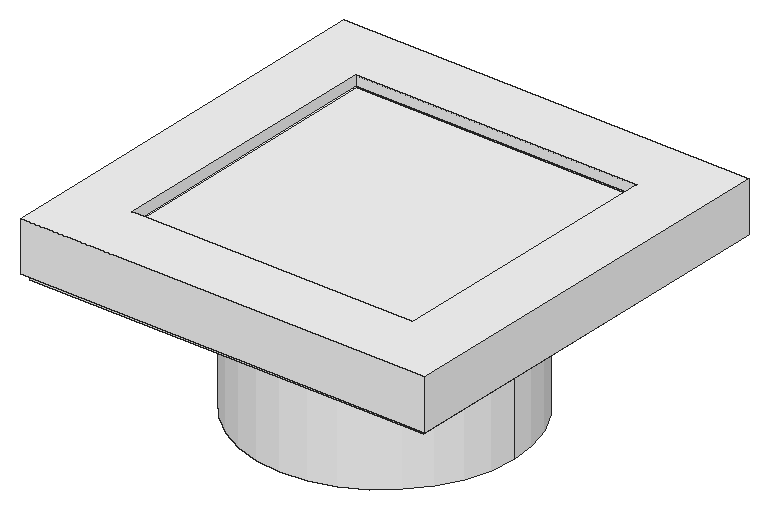
Revit family "Gira_110403", category Electrical Fixtures, host Face, Revit 2017
Family settings
  Host = Face
  Maintain Annotation Orientation = Yes
  Round Connector Dimension = Use Diameter
  Part Type = Normal
  Cut with Voids When Loaded = No
  Shared = No
  Room Calculation Point = No
Parameters (values of type "Rocker sw. hotel room status displ. System 55 p.white")
  With mounting plate = "No"
  Wiring system = "Series switch"
  White [instance] = White
  Washing machine switch = "No"
  URL = "http://katalog.gira.de/en/datenblatt.html?artikelnr=110403"
  Type of fastening = "Mounting with claw and screw"
  Surface protection = "Other"
  Surface finishing = "Glossy"
  Suitable for degree of protection (IP) = "IP20"
  Rated current = "10"
  RAL-number (akin) = "9010"
  Push button switch = "No"
  Number of rockers = "2"
  Number of modules (module system) = "1"
  Nominal voltage = "250"
  Name = "Rocker sw. hotel room status displ. System 55 p.white"
  Mounting method = "Flush mounted (plaster)"
  Model = "Sys55_Komplettgerät_Schalten und Tasten"
  Method of operation = "Rocker/button"
  Material quality = "Thermoplastic"
  Material = "Plastic"
  Manufacturer URL = "https://www.gira.de/"
  Manufacturer = "Gira"
  Label space/information surface = "No"
  Illumination = "No"
  HeinzeBIM = "https://bimportal.heinze.de/bim/rocker-sw-hotel-room-status-displ-system-55-p-white/4941d33aacfa379d3e6990a1139f398284d29b29"
  Halogen free = "Yes"
  HAN = "110403"
  GTIN = "4010337104032"
  Feedback-signal contact = "No"
  Description = "Rock.sw.h-room stat.displ. Sys55 PW,Rocker switch, 10 AX 250 V~ with rocker, 2-gang for displaying hotel room status,,pure white glossy,Features:,- Switch for hotel room status display Do not disturb\" and \"Make up room\".,- With block to prevent both sides from being switched on.,- Locked both electrically and mechanically.\""
  Default Elevation = 1219.2 mm
  Data sheet (1) = "https://katalog.gira.de/en/download.html?artikelnr=110403"
  Connection type = "Plug clamp"
  Colour = "White"
  Category = "Switch"
  BIM (1) = "https://media.stage.bim.site/public/gira/36a6b08/Sys55_Komplettgerät_Schalten und Tasten.rfa?public/gira/36a6b08/Sys55_Komplettgerät_Schalten und Tasten.rfa"
  Available = "No"
  Assembly arrangement = "Basic element with central cover plate"
Reference planes
  plane 1 "Center (Front/Back)": y = 0
  plane 2: z = 0
  plane 3 "Center (Left/Right)": x = 0
Forms (mm)
  Extrusion 1, solid, material "White" <- "White", detail levels medium
    sketch origin (0, 0, 0) x (1, 0, 0) y (0, 1, 0)
      loop
        line (-40.4, 40.4) -> (-40.4, -40.4) -> (40.4, -40.4) -> (40.4, 40.4) -> (-40.4, 40.4)
      loop
        line (-28, 28) -> (-28, -28) -> (28, -28) -> (28, 28) -> (-28, 28)
    from 0 to 10
  Extrusion 2, solid, material "White" <- "White", detail levels fine
    sketch origin (0, 0, 0) x (1, 0, 0) y (0, 1, 0)
      loop
        line (-40.4, 40.4) -> (-40.4, -40.4) -> (40.4, -40.4) -> (40.4, 40.4) -> (-40.4, 40.4)
      loop
        line (-28, 28) -> (-28, -28) -> (28, -28) -> (28, 28) -> (-28, 28)
    from 0 to 10
  Extrusion 3, void
    sketch origin (0, 0, 0) x (1, 0, 0) y (0, 1, 0)
      loop
        line (-38.4, 38.4) -> (-38.4, -38.4) -> (38.4, -38.4) -> (38.4, 38.4) -> (-38.4, 38.4)
    from 0 to 8
  Extrusion 4, solid, material "White" <- "White", detail levels medium+fine
    sketch origin (0, 0, 0) x (1, 0, 0) y (0, 1, 0)
      loop
        line (-39.4, 39.4) -> (-39.4, -39.4) -> (39.4, -39.4) -> (39.4, 39.4) -> (-39.4, 39.4)
    from 0 to -1
  Extrusion 5, solid, material "White" <- "White", detail levels medium+fine
    sketch origin (0, 0, 0) x (1, 0, 0) y (0, 1, 0)
      loop
        line (-35.5, 35.5) -> (-35.5, -35.5) -> (35.5, -35.5) -> (35.5, 35.5) -> (-35.5, 35.5)
    from -2 to -3
  Extrusion 6, solid, material "White" <- "White", detail levels medium+fine
    sketch origin (0, 0, 0) x (1, 0, 0) y (0, 1, 0)
      loop
        circle (0, 0) r 26
    from 0 to -27.5
  Extrusion 7, solid, material "White" <- "White", detail levels coarse
    sketch origin (0, 0, 0) x (1, 0, 0) y (0, 1, 0)
      loop
        line (-40.4, 40.4) -> (-40.4, -40.4) -> (40.4, -40.4) -> (40.4, 40.4) -> (-40.4, 40.4)
    from -27.5 to 10
Cuts and joins
  Extrusion 3 cuts Extrusion 2
Dimensions and locks
  aligned and locked: plane 2 to host face
  aligned and locked: level to host face
  aligned and locked: plane 3 "Center (Left/Right)" to nested 2
  aligned and locked: plane 1 "Center (Front/Back)" to nested 2
Nested families
  nested 1: "Sys55_Abdeckung_Schalten und Tasten_floor_base" at (0, 0, 0), type "Sys55_Abdeckung_Schalten und Tasten_floor_base"
  nested 2: "Schalter" at (0, 0, 0), type "Schalter"
Connectors
  electrical at (0, 0, -27.5)
    settings: on Extrusion 6, index 1, voltage 220 V, apparent load 0 VA, apparent load phase1 0 VA, apparent load phase2 0 VA, apparent load phase3 0 VA, power factor 1, load classification "Other", number of poles 1, system type 30, power factor state 1, is connector primary yes, connector utility no, sub classification motor no, connector description ""
Definition of nested family "Sys55_Abdeckung_Schalten und Tasten_floor_base"
  Parameters
    Default Elevation = 1219.2 mm
    White [instance] = none
  Reference planes
    plane 1 "Center (Front/Back)": y = 0
    plane 2: z = 0
    plane 3 "Center (Left/Right)": x = 0
  Forms (mm)
    Extrusion 1, solid
      sketch origin (0, 0, 0) x (1, 0, 0) y (0, 1, 0)
        loop
          line (-1219.2, 1219.2) -> (-1219.2, -1219.2) -> (1219.2, -1219.2) -> (1219.2, 1219.2) -> (-1219.2, 1219.2)
      from 0 to -304.8
    Extrusion 2, solid, material <- "White", detail levels fine
      sketch origin (0, 0, 0) x (1, 0, 0) y (0, 1, 0)
        loop
          line (-27.5, 27.5) -> (-27.5, -27.5) -> (27.5, -27.5) -> (27.5, 27.5) -> (-27.5, 27.5)
      from 0 to 8
    Extrusion 3, void
      sketch origin (0, 0, 0) x (1, 0, 0) y (0, 1, 0)
        loop
          line (26, 26) -> (-26, 26) -> (-26, -26) -> (26, -26) -> (26, 26)
      from 0 to 6
    Extrusion 4, solid, material <- "White", detail levels medium
      sketch origin (0, 0, 0) x (1, 0, 0) y (0, 1, 0)
        loop
          line (-27.5, 27.5) -> (-27.5, -27.5) -> (27.5, -27.5) -> (27.5, 27.5) -> (-27.5, 27.5)
      from 0 to 8
    Extrusion 5, solid, material <- "White", detail levels medium
      sketch origin (0, 0, 0) x (1, 0, 0) y (0, 1, 0)
        loop
          line (11, -17.5) -> (11, 17.5) -> (-11, 17.5) -> (-11, -17.5) -> (11, -17.5)
      from -6 to 6
    Extrusion 6, solid, material <- "White", detail levels fine
      sketch origin (0, 0, 0) x (1, 0, 0) y (0, 1, 0)
        loop
          line (11, 17.5) -> (-11, 17.5) -> (-11, 16.5) -> (11, 16.5) -> (11, 17.5)
        loop
          line (-11, -16.5) -> (-11, -17.5) -> (11, -17.5) -> (11, -16.5) -> (-11, -16.5)
      from -4 to 6
    Extrusion 7, solid, material <- "White", detail levels fine
      sketch origin (0, 0, 0) x (1, 0, 0) y (0, 1, 0)
        loop
          arc (5, 9.347) -> (0, 10.6) -> (-5, 9.347) r 10.6
          line (-5, 9.347) -> (-5, -9.347)
          arc (-5, -9.347) -> (0, -10.6) -> (5, -9.347) r 10.6
          line (5, -9.347) -> (5, 9.347)
      from -6 to 6
    Extrusion 8, solid, material <- "White", detail levels coarse
      sketch origin (0, 0, 0) x (1, 0, 0) y (0, 1, 0)
        loop
          line (-27.5, 27.5) -> (-27.5, -27.5) -> (27.5, -27.5) -> (27.5, 27.5) -> (-27.5, 27.5)
      from -6 to 8
  Cuts and joins
    Extrusion 3 cuts Extrusion 2
  Dimensions and locks
    aligned and locked: plane 2 to Extrusion 1
    aligned and locked: level to Extrusion 1
Definition of nested family "Schalter"
  Reference planes
    plane 1: y = 0
    plane 2: x = 0
  Lines and regions (mm)
    detail lines
      curve 1: circle (1.375, 2.778, 0) r 0.8 normal (0, 0, 1)
      curve 2: line (1.021, 2.061, 0) -> (0, 0, 0)
      curve 3: line (0, 0, 0) -> (-0.538, 0.266, 0)
  Dimensions and locks
    curve 2 to curve 2 = 2.3 mm
    curve 3 to curve 2 = 0.6 mm
    radius of curve 1 = 0.8 mm
